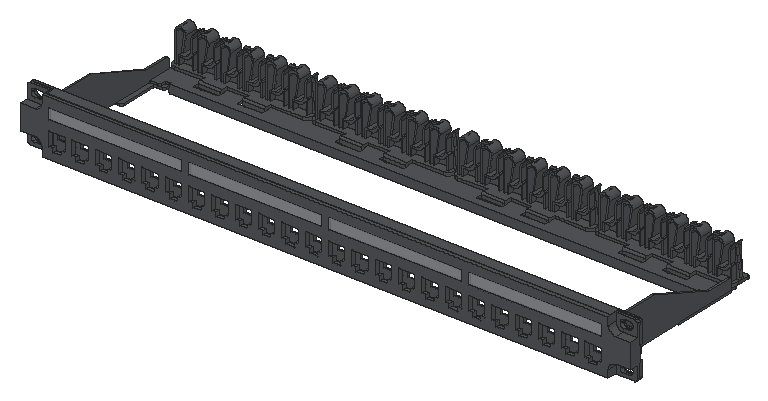
Revit family "Panneau de brassage", category Equipement spécialisé, Revit 2020
Family settings
  Cote de connecteur circulaire = Utiliser le diamètre
  Type d'élément = Normal
  Basée sur le plan de construction = Non
  Toujours verticalement = Oui
  Couper avec des vides une fois chargée = Non
  Partagée = Oui
  Point de calcul de pièce = Non
Parameters (values of type "Panneau de brassage")
  Type de connecteur = "RJ45"
  Température de stockage = "-10_à_70"
  Température de fonctionnement = "-10_à_60"
  Référence Legrand = "632850"
  RAL = "9017"
  Profondeur = 140 mm
  Nombre de connecteurs = 24
  Nombre d'unités en hauteur = "1"
  Nature du câble pour connexion = "Souple"
  Lien e-catalogue = "https://www.legrand.fr/reference/632850/pro"
  Libellé BIM = "Panneau 24 RJ45 Cat 5e 6 6A Keystone à équiper avec support de câble métal"
  Largeur (mm) = 482.6 mm
  IK = "IK04"
  Hauteur = 43.8 mm
  Fonction = "Panneaux de brassage connecteurs cuivre"
  Elévation par défaut = 0 mm
  EAN = "3414972185509"
  Dimension modulaire = "19 pouces"
  Couleur = IDS_NOIR
  Classe ETIM = "EC001128"
  Blindé = yes
Reference planes
  plane 1 "Centre (avant/arrière)": y = 106
  plane 2: z = 0
  plane 3: x = 0
  plane 4: x = 464.6
  plane 5: z = 43.8
  plane 6: y = 104.5
  plane 7: x = -18
  plane 8: x = 446.6
  plane 9: x = 1.5
  plane 10: x = 445.1
  plane 11: z = 25.65
  plane 12: z = 14.175
  plane 13: x = -4.9
  plane 14: x = 223.3
  plane 15: x = -14.8
  plane 16: x = -4.5
  plane 17: z = 41.2
  plane 18: z = 34.4
  plane 19: z = 2.6
  plane 20: z = 9.4
  plane 21: z = 42.3
  plane 22: z = 1.5
  plane 23: y = 97.8
  plane 24: x = -5.65
  plane 25: x = -7.15
  plane 26: y = 118.8
  plane 27: z = 17.175
  plane 28: z = 23.65
  plane 29: x = 461.4
  plane 30: x = 451.1
  plane 31: z = 41.2
  plane 32: z = 34.4
  plane 33: z = 2.6
  plane 34: z = 9.4
  plane 35: x = 452.25
  plane 36: x = 453.75
  plane 37: y = 118.8
  plane 38: x = 221.465
  plane 39: x = 206.665
  plane 40: z = 29.433
  plane 41: z = 8.833
  plane 42: x = 216.065
  plane 43: x = 212.065
  plane 44: z = 31.533
  plane 45: y = 94.8
  plane 46: y = 102
  plane 47: x = 220.575
  plane 48: x = 207.575
  plane 49: z = 20.133
  plane 50: x = 210.675
  plane 51: z = 5.633
  plane 52: x = 217.475
  plane 53: x = 202.125
  plane 54: x = 189.125
  plane 55: z = 20.133
  plane 56: x = 192.225
  plane 57: z = 5.633
  plane 58: x = 199.025
  plane 59: x = 183.675
  plane 60: x = 170.675
  plane 61: z = 20.133
  plane 62: x = 173.775
  plane 63: z = 5.633
  plane 64: x = 180.575
  plane 65: x = 165.225
  plane 66: x = 152.225
  plane 67: z = 20.133
  plane 68: x = 155.325
  plane 69: z = 5.633
  plane 70: x = 162.125
  plane 71: x = 146.775
  plane 72: x = 133.775
  plane 73: z = 20.133
  plane 74: x = 136.875
  plane 75: z = 5.633
  plane 76: x = 143.675
  plane 77: x = 128.325
  plane 78: x = 115.325
  plane 79: z = 20.133
  plane 80: x = 118.425
  plane 81: z = 5.633
  plane 82: x = 125.225
  plane 83: x = 109.875
  plane 84: x = 96.875
  plane 85: z = 20.133
  plane 86: x = 99.975
  plane 87: z = 5.633
  plane 88: x = 106.775
  plane 89: x = 91.425
  plane 90: x = 78.425
  plane 91: z = 20.133
  plane 92: x = 81.525
  plane 93: z = 5.633
  plane 94: x = 88.325
  plane 95: x = 72.975
  plane 96: x = 59.975
  plane 97: z = 20.133
  plane 98: x = 63.075
  plane 99: z = 5.633
  plane 100: x = 69.875
  plane 101: x = 54.525
  plane 102: x = 41.525
  plane 103: z = 20.133
  plane 104: x = 44.625
  plane 105: z = 5.633
  plane 106: x = 51.425
  plane 107: x = 36.075
  plane 108: x = 23.075
  plane 109: z = 20.133
  plane 110: x = 26.175
  plane 111: z = 5.633
  plane 112: x = 32.975
  plane 113: x = 17.625
  plane 114: x = 4.625
  plane 115: z = 20.133
  plane 116: x = 7.725
  plane 117: z = 5.633
  plane 118: x = 14.525
  plane 119: x = 226.025
  plane 120: x = 239.025
  plane 121: z = 20.133
  plane 122: x = 235.925
  plane 123: z = 5.633
  plane 124: x = 229.125
  plane 125: x = 244.475
  plane 126: x = 257.475
  plane 127: z = 20.133
  plane 128: x = 254.375
  plane 129: z = 5.633
  plane 130: x = 247.575
  plane 131: x = 262.925
  plane 132: x = 275.925
  plane 133: z = 20.133
  plane 134: x = 272.825
  plane 135: z = 5.633
  plane 136: x = 266.025
  plane 137: x = 281.375
  plane 138: x = 294.375
  plane 139: z = 20.133
  plane 140: x = 291.275
  plane 141: z = 5.633
  plane 142: x = 284.475
  plane 143: x = 299.825
  plane 144: x = 312.825
  plane 145: z = 20.133
  plane 146: x = 309.725
  plane 147: z = 5.633
  plane 148: x = 302.925
  plane 149: x = 318.275
  plane 150: x = 331.275
  plane 151: z = 20.133
  plane 152: x = 328.175
  plane 153: z = 5.633
  plane 154: x = 321.375
  plane 155: x = 336.725
  plane 156: x = 349.725
  plane 157: z = 20.133
  plane 158: x = 346.625
  plane 159: z = 5.633
  plane 160: x = 339.825
  plane 161: x = 355.175
  plane 162: x = 368.175
  plane 163: z = 20.133
  plane 164: x = 365.075
  plane 165: z = 5.633
  plane 166: x = 358.275
  plane 167: x = 373.625
  plane 168: x = 386.625
  plane 169: z = 20.133
  plane 170: x = 383.525
  plane 171: z = 5.633
  plane 172: x = 376.725
  plane 173: x = 392.075
  plane 174: x = 405.075
  plane 175: z = 20.133
  plane 176: x = 401.975
  plane 177: z = 5.633
  plane 178: x = 395.175
  plane 179: x = 410.525
  plane 180: x = 423.525
  plane 181: z = 20.133
  plane 182: x = 420.425
  plane 183: z = 5.633
  plane 184: x = 413.625
  plane 185: x = 428.975
  plane 186: x = 441.975
  plane 187: z = 20.133
  plane 188: x = 438.875
  plane 189: z = 5.633
  plane 190: x = 432.075
  plane 191: x = 220.575
  plane 192: x = 115.325
  plane 193: z = 27.7
  plane 194: z = 36.55
  plane 195: x = 109.875
  plane 196: x = 4.625
  plane 197: z = 27.7
  plane 198: z = 36.55
  plane 199: x = 226.025
  plane 200: x = 331.275
  plane 201: z = 27.7
  plane 202: z = 36.55
  plane 203: x = 336.725
  plane 204: x = 441.975
  plane 205: z = 27.7
  plane 206: z = 36.55
  plane 207: z = 38.7
  plane 208: y = 127.2
  plane 209: z = 8.1
  plane 210: y = 216.8
  plane 211: z = 1.7
  plane 212: z = 17.7
  plane 213: y = 195.8
  plane 214: y = 141.2
  plane 215: y = 165.26
  plane 216: y = 197.76
  plane 217: y = 224.3
  plane 218: x = 6
  plane 219: x = 13.925
  plane 220: z = 38.7
  plane 221: y = 127.2
  plane 222: z = 8.1
  plane 223: y = 216.8
  plane 224: z = 1.7
  plane 225: z = 17.7
  plane 226: y = 195.8
  plane 227: y = 141.2
  plane 228: y = 165.26
  plane 229: y = 197.76
  plane 230: y = 224.3
  plane 231: x = 440.6
  plane 232: x = 432.675
  plane 233: y = 197.8
  plane 234: y = 224.3
  plane 235: x = 1.75
  plane 236: x = 444.85
  plane 237: y = 203.3
  plane 238: x = 10.225
  plane 239: x = 436.375
  plane 240: x = 14.225
  plane 241: x = 432.375
  plane 242: z = 3.2
  plane 243: x = 194.432
  plane 244: y = 208.3
  plane 245: y = 214.3
  plane 246: x = 174.802
  plane 247: y = 208.3
  plane 248: y = 214.3
  plane 249: x = 62.802
  plane 250: y = 208.3
  plane 251: y = 214.3
  plane 252: x = 271.798
  plane 253: y = 208.3
  plane 254: y = 214.3
  plane 255: x = 383.798
  plane 256: x = 210.05
  plane 257: y = 230.3
  plane 258: y = 233.3
  plane 259: x = 208.05
  plane 260: x = 217.05
  plane 261: x = 191.95
  plane 262: y = 230.3
  plane 263: y = 233.3
  plane 264: x = 189.95
  plane 265: x = 198.95
  plane 266: x = 173.85
  plane 267: y = 230.3
  plane 268: y = 233.3
  plane 269: x = 171.85
  plane 270: x = 180.85
  plane 271: x = 155.75
  plane 272: y = 230.3
  plane 273: y = 233.3
  plane 274: x = 153.75
  plane 275: x = 162.75
  plane 276: x = 137.65
  plane 277: y = 230.3
  plane 278: y = 233.3
  plane 279: x = 135.65
  plane 280: x = 144.65
  plane 281: x = 119.55
  plane 282: y = 230.3
  plane 283: y = 233.3
  plane 284: x = 117.55
  plane 285: x = 126.55
  plane 286: x = 98.05
  plane 287: y = 230.3
  plane 288: y = 233.3
  plane 289: x = 96.05
  plane 290: x = 105.05
  plane 291: x = 79.95
  plane 292: y = 230.3
  plane 293: y = 233.3
  plane 294: x = 77.95
  plane 295: x = 86.95
  plane 296: x = 61.85
  plane 297: y = 230.3
  plane 298: y = 233.3
  plane 299: x = 59.85
  plane 300: x = 68.85
  plane 301: x = 43.75
  plane 302: y = 230.3
  plane 303: y = 233.3
  plane 304: x = 41.75
  plane 305: x = 50.75
  plane 306: x = 25.65
  plane 307: y = 230.3
  plane 308: y = 233.3
  plane 309: x = 23.65
  plane 310: x = 32.65
  plane 311: x = 7.55
  plane 312: y = 230.3
  plane 313: y = 233.3
  plane 314: x = 5.55
  plane 315: x = 14.55
  plane 316: x = 236.55
  plane 317: y = 230.3
  plane 318: y = 233.3
  plane 319: x = 238.55
  plane 320: x = 229.55
  plane 321: x = 254.65
  plane 322: y = 230.3
  plane 323: y = 233.3
  plane 324: x = 256.65
  plane 325: x = 247.65
  plane 326: x = 272.75
  plane 327: y = 230.3
  plane 328: y = 233.3
  plane 329: x = 274.75
  plane 330: x = 265.75
  plane 331: x = 290.85
  plane 332: y = 230.3
  plane 333: y = 233.3
  plane 334: x = 292.85
  plane 335: x = 283.85
  plane 336: x = 308.95
  plane 337: y = 230.3
  plane 338: y = 233.3
  plane 339: x = 310.95
  plane 340: x = 301.95
  plane 341: x = 327.05
  plane 342: y = 230.3
  plane 343: y = 233.3
  plane 344: x = 329.05
  plane 345: x = 320.05
  plane 346: x = 348.55
  plane 347: y = 230.3
  plane 348: y = 233.3
  plane 349: x = 350.55
  plane 350: x = 341.55
  plane 351: x = 366.65
  plane 352: y = 230.3
  plane 353: y = 233.3
  plane 354: x = 368.65
  plane 355: x = 359.65
  plane 356: x = 384.75
  plane 357: y = 230.3
  plane 358: y = 233.3
  plane 359: x = 386.75
  plane 360: x = 377.75
  plane 361: x = 402.85
  plane 362: y = 230.3
  plane 363: y = 233.3
  plane 364: x = 404.85
  plane 365: x = 395.85
  plane 366: x = 420.95
  plane 367: y = 230.3
  plane 368: y = 233.3
  plane 369: x = 422.95
  plane 370: x = 413.95
  plane 371: x = 439.05
  plane 372: y = 230.3
  plane 373: y = 233.3
  plane 374: x = 441.05
  plane 375: x = 432.05
  plane 376: y = 218.3
  plane 377: y = 234.8
  plane 378: x = 0.4
  plane 379: x = 111.4
  plane 380: x = 28.9
  plane 381: x = 55.3
  plane 382: x = 5.4
  plane 383: z = 4.1
  plane 384: y = 233.55
  plane 385: y = 234.8
  plane 386: x = 7.9
  plane 387: z = 7.6
  plane 388: y = 232.3
  plane 389: y = 234.3
  plane 390: z = 6.6
  plane 391: x = 28.15
  plane 392: z = 4.1
  plane 393: y = 233.55
  plane 394: y = 234.8
  plane 395: z = 7.6
  plane 396: y = 232.3
  plane 397: y = 234.3
  plane 398: z = 6.6
  plane 399: y = 231.765
  plane 400: x = 0.4
  plane 401: z = 34.6
  plane 402: x = 17.9
  plane 403: z = 36.6
  plane 404: x = 16.7
  plane 405: x = 5.7
  plane 406: z = 18.6
  plane 407: x = 15.5
  plane 408: z = 33.55
  plane 409: x = 6.9
  plane 410: z = 17.4
  plane 411: x = 16.7
  plane 412: z = 22.4
  plane 413: x = 18.4
  plane 414: z = 34.6
  plane 415: x = 35.9
  plane 416: z = 36.6
  plane 417: x = 34.7
  plane 418: x = 23.7
  plane 419: z = 18.6
  plane 420: x = 33.5
  plane 421: z = 33.55
  plane 422: x = 24.9
  plane 423: z = 17.4
  plane 424: x = 34.7
  plane 425: z = 22.4
  plane 426: x = 36.4
  plane 427: z = 34.6
  plane 428: x = 53.9
  plane 429: z = 36.6
  plane 430: x = 52.7
  plane 431: x = 41.7
  plane 432: z = 18.6
  plane 433: x = 51.5
  plane 434: z = 33.55
  plane 435: x = 42.9
  plane 436: z = 17.4
  plane 437: x = 52.7
  plane 438: z = 22.4
  plane 439: x = 54.4
  plane 440: z = 34.6
  plane 441: x = 71.9
  plane 442: z = 36.6
  plane 443: x = 70.7
  plane 444: x = 59.7
  plane 445: z = 18.6
  plane 446: x = 69.5
  plane 447: z = 33.55
  plane 448: x = 60.9
  plane 449: z = 17.4
  plane 450: x = 70.7
  plane 451: z = 22.4
  plane 452: x = 72.4
  plane 453: z = 34.6
  plane 454: x = 89.9
  plane 455: z = 36.6
  plane 456: x = 88.7
  plane 457: x = 77.7
  plane 458: z = 18.6
  plane 459: x = 87.5
  plane 460: z = 33.55
  plane 461: x = 78.9
  plane 462: z = 17.4
  plane 463: x = 88.7
  plane 464: z = 22.4
  plane 465: x = 90.4
  plane 466: z = 34.6
  plane 467: x = 107.9
  plane 468: z = 36.6
  plane 469: x = 106.7
  plane 470: x = 95.7
  plane 471: z = 18.6
  plane 472: x = 105.5
  plane 473: z = 33.55
  plane 474: x = 96.9
  plane 475: z = 17.4
  plane 476: x = 106.7
  plane 477: z = 22.4
  plane 478: y = 226.765
  plane 479: x = 17.9
  plane 480: x = 35.9
  plane 481: x = 53.9
  plane 482: x = 71.9
  plane 483: x = 89.9
  plane 484: x = 167.3
  plane 485: y = 218.3
  plane 486: y = 234.8
  plane 487: x = 111.9
  plane 488: x = 222.9
  plane 489: z = 4.1
  plane 490: y = 233.55
  plane 491: y = 234.8
  plane 492: x = 119.4
  plane 493: z = 7.6
  plane 494: y = 232.3
  plane 495: y = 234.3
  plane 496: z = 6.6
  plane 497: z = 4.1
  plane 498: y = 233.55
  plane 499: y = 234.8
  plane 500: z = 7.6
  plane 501: y = 232.3
  plane 502: y = 234.3
  plane 503: z = 6.6
  plane 504: x = 111.9
  plane 505: z = 34.6
  plane 506: x = 129.4
  plane 507: z = 36.6
  plane 508: x = 128.2
  plane 509: x = 117.2
  plane 510: z = 18.6
  plane 511: x = 127
  plane 512: z = 33.55
  plane 513: x = 118.4
  plane 514: z = 17.4
  plane 515: x = 128.2
  plane 516: z = 22.4
  plane 517: x = 129.9
  plane 518: z = 34.6
  plane 519: x = 147.4
  plane 520: z = 36.6
  plane 521: x = 146.2
  plane 522: x = 135.2
  plane 523: z = 18.6
  plane 524: x = 145
  plane 525: z = 33.55
  plane 526: x = 136.4
  plane 527: z = 17.4
  plane 528: x = 146.2
  plane 529: z = 22.4
  plane 530: x = 147.9
  plane 531: z = 34.6
  plane 532: x = 165.4
  plane 533: z = 36.6
  plane 534: x = 164.2
  plane 535: x = 153.2
  plane 536: z = 18.6
  plane 537: x = 163
  plane 538: z = 33.55
  plane 539: x = 154.4
  plane 540: z = 17.4
  plane 541: x = 164.2
  plane 542: z = 22.4
  plane 543: x = 165.9
  plane 544: z = 34.6
  plane 545: x = 183.4
  plane 546: z = 36.6
  plane 547: x = 182.2
  plane 548: x = 171.2
  plane 549: z = 18.6
  plane 550: x = 181
  plane 551: z = 33.55
  plane 552: x = 172.4
  plane 553: z = 17.4
  plane 554: x = 182.2
  plane 555: z = 22.4
  plane 556: x = 183.9
  plane 557: z = 34.6
  plane 558: x = 201.4
  plane 559: z = 36.6
  plane 560: x = 200.2
  plane 561: x = 189.2
  plane 562: z = 18.6
  plane 563: x = 199
  plane 564: z = 33.55
  plane 565: x = 190.4
  plane 566: z = 17.4
  plane 567: x = 200.2
  plane 568: z = 22.4
  plane 569: x = 201.9
  plane 570: z = 34.6
  plane 571: x = 219.4
  plane 572: z = 36.6
  plane 573: x = 218.2
  plane 574: x = 207.2
  plane 575: z = 18.6
  plane 576: x = 217
  plane 577: z = 33.55
  plane 578: x = 208.4
  plane 579: z = 17.4
  plane 580: x = 218.2
  plane 581: z = 22.4
  plane 582: x = 129.4
  plane 583: x = 147.4
  plane 584: x = 165.4
  plane 585: x = 183.4
  plane 586: x = 201.4
  plane 587: x = 447
  plane 588: y = 218.3
  plane 589: y = 234.8
  plane 590: x = 336
  plane 591: x = 447
  plane 592: z = 4.1
  plane 593: y = 233.55
  plane 594: y = 234.8
  plane 595: x = 343.5
  plane 596: z = 7.6
  plane 597: y = 232.3
  plane 598: y = 234.3
  plane 599: z = 6.6
  plane 600: z = 4.1
  plane 601: y = 233.55
  plane 602: y = 234.8
  plane 603: z = 7.6
  plane 604: y = 232.3
  plane 605: y = 234.3
  plane 606: z = 6.6
  plane 607: x = 336
  plane 608: z = 34.6
  plane 609: x = 353.5
  plane 610: z = 36.6
  plane 611: x = 352.3
  plane 612: x = 341.3
  plane 613: z = 18.6
  plane 614: x = 351.1
  plane 615: z = 33.55
  plane 616: x = 342.5
  plane 617: z = 17.4
  plane 618: x = 352.3
  plane 619: z = 22.4
  plane 620: x = 354
  plane 621: z = 34.6
  plane 622: x = 371.5
  plane 623: z = 36.6
  plane 624: x = 370.3
  plane 625: x = 359.3
  plane 626: z = 18.6
  plane 627: x = 369.1
  plane 628: z = 33.55
  plane 629: x = 360.5
  plane 630: z = 17.4
  plane 631: x = 370.3
  plane 632: z = 22.4
  plane 633: x = 372
  plane 634: z = 34.6
  plane 635: x = 389.5
  plane 636: z = 36.6
  plane 637: x = 388.3
  plane 638: x = 377.3
  plane 639: z = 18.6
  plane 640: x = 387.1
  plane 641: z = 33.55
  plane 642: x = 378.5
  plane 643: z = 17.4
  plane 644: x = 388.3
  plane 645: z = 22.4
  plane 646: x = 390
  plane 647: z = 34.6
  plane 648: x = 407.5
  plane 649: z = 36.6
  plane 650: x = 406.3
  plane 651: x = 395.3
  plane 652: z = 18.6
  plane 653: x = 405.1
  plane 654: z = 33.55
  plane 655: x = 396.5
  plane 656: z = 17.4
  plane 657: x = 406.3
  plane 658: z = 22.4
  plane 659: x = 408
  plane 660: z = 34.6
  plane 661: x = 425.5
  plane 662: z = 36.6
  plane 663: x = 424.3
  plane 664: x = 413.3
  plane 665: z = 18.6
  plane 666: x = 423.1
  plane 667: z = 33.55
  plane 668: x = 414.5
  plane 669: z = 17.4
  plane 670: x = 424.3
  plane 671: z = 22.4
  plane 672: x = 426
  plane 673: z = 34.6
  plane 674: x = 443.5
  plane 675: z = 36.6
  plane 676: x = 442.3
  plane 677: x = 431.3
  plane 678: z = 18.6
  plane 679: x = 441.1
  plane 680: z = 33.55
  plane 681: x = 432.5
  plane 682: z = 17.4
  plane 683: x = 442.3
  plane 684: z = 22.4
  plane 685: x = 353.5
  plane 686: x = 371.5
  plane 687: x = 389.5
  plane 688: x = 407.5
  plane 689: x = 425.5
  plane 690: y = 218.3
  plane 691: y = 234.8
  plane 692: x = 224.5
  plane 693: x = 335.5
  plane 694: z = 4.1
  plane 695: y = 233.55
  plane 696: y = 234.8
  plane 697: x = 232
  plane 698: z = 7.6
  plane 699: y = 232.3
  plane 700: y = 234.3
  plane 701: z = 6.6
  plane 702: z = 4.1
  plane 703: y = 233.55
  plane 704: y = 234.8
  plane 705: z = 7.6
  plane 706: y = 232.3
  plane 707: y = 234.3
  plane 708: z = 6.6
  plane 709: x = 224.5
  plane 710: z = 34.6
  plane 711: x = 242
  plane 712: z = 36.6
  plane 713: x = 240.8
  plane 714: x = 229.8
  plane 715: z = 18.6
  plane 716: x = 239.6
  plane 717: z = 33.55
  plane 718: x = 231
  plane 719: z = 17.4
  plane 720: x = 240.8
  plane 721: z = 22.4
  plane 722: x = 242.5
  plane 723: z = 34.6
  plane 724: x = 260
  plane 725: z = 36.6
  plane 726: x = 258.8
  plane 727: x = 247.8
  plane 728: z = 18.6
  plane 729: x = 257.6
  plane 730: z = 33.55
  plane 731: x = 249
  plane 732: z = 17.4
  plane 733: x = 258.8
  plane 734: z = 22.4
  plane 735: x = 260.5
  plane 736: z = 34.6
  plane 737: x = 278
  plane 738: z = 36.6
  plane 739: x = 276.8
  plane 740: x = 265.8
  plane 741: z = 18.6
  plane 742: x = 275.6
  plane 743: z = 33.55
  plane 744: x = 267
  plane 745: z = 17.4
  plane 746: x = 276.8
  plane 747: z = 22.4
  plane 748: x = 278.5
  plane 749: z = 34.6
  plane 750: x = 296
  plane 751: z = 36.6
  plane 752: x = 294.8
  plane 753: x = 283.8
  plane 754: z = 18.6
  plane 755: x = 293.6
  plane 756: z = 33.55
  plane 757: x = 285
  plane 758: z = 17.4
  plane 759: x = 294.8
  plane 760: z = 22.4
  plane 761: x = 296.5
  plane 762: z = 34.6
  plane 763: x = 314
  plane 764: z = 36.6
  plane 765: x = 312.8
  plane 766: x = 301.8
  plane 767: z = 18.6
  plane 768: x = 311.6
  plane 769: z = 33.55
  plane 770: x = 303
  plane 771: z = 17.4
  plane 772: x = 312.8
  plane 773: z = 22.4
  plane 774: x = 314.5
  plane 775: z = 34.6
  plane 776: x = 332
  plane 777: z = 36.6
  plane 778: x = 330.8
  plane 779: x = 319.8
  plane 780: z = 18.6
  plane 781: x = 329.6
  plane 782: z = 33.55
  plane 783: x = 321
  plane 784: z = 17.4
  plane 785: x = 330.8
  plane 786: z = 22.4
  plane 787: x = 242
  plane 788: x = 260
  plane 789: x = 278
  plane 790: x = 296
  plane 791: x = 314
Forms (mm)
  Extrusion 1, solid, material "IDS_NOIR" <- "Couleur"
    sketch origin (0, 106, 0) x (1, 0, 0) y (0, 0, 1)
      loop
        arc (-15.5, 43.8) -> (-17.268, 43.068) -> (-18, 41.3) r 2.5
        line (-18, 41.3) -> (-18, 2.5)
        arc (-18, 2.5) -> (-17.268, 0.732) -> (-15.5, 0) r 2.5
        line (-15.5, 0) -> (462.1, 0)
        arc (462.1, 0) -> (463.868, 0.732) -> (464.6, 2.5) r 2.5
        line (464.6, 2.5) -> (464.6, 41.3)
        arc (464.6, 41.3) -> (463.868, 43.068) -> (462.1, 43.8) r 2.5
        line (462.1, 43.8) -> (-15.5, 43.8)
    from 0 to 1.5
  Extrusion 2, void
    sketch origin (0, 106, 0) x (1, 0, 0) y (0, 0, 1)
      loop
        line (-4.9, 14.175) -> (-4.9, 25.65) -> (-18, 25.65) -> (-18, 14.175) -> (-4.9, 14.175)
      loop
        line (-11.8, 34.4) -> (-7.5, 34.4)
        arc (-7.5, 34.4) -> (-5.379, 35.279) -> (-4.5, 37.4) r 3
        line (-4.5, 37.4) -> (-4.5, 38.2)
        arc (-4.5, 38.2) -> (-5.379, 40.321) -> (-7.5, 41.2) r 3
        line (-7.5, 41.2) -> (-11.8, 41.2)
        arc (-11.8, 41.2) -> (-13.921, 40.321) -> (-14.8, 38.2) r 3
        line (-14.8, 38.2) -> (-14.8, 37.4)
        arc (-14.8, 37.4) -> (-13.921, 35.279) -> (-11.8, 34.4) r 3
      loop
        arc (-11.8, 9.4) -> (-13.921, 8.521) -> (-14.8, 6.4) r 3
        line (-14.8, 6.4) -> (-14.8, 5.6)
        arc (-14.8, 5.6) -> (-13.921, 3.479) -> (-11.8, 2.6) r 3
        line (-11.8, 2.6) -> (-7.5, 2.6)
        arc (-7.5, 2.6) -> (-5.379, 3.479) -> (-4.5, 5.6) r 3
        line (-4.5, 5.6) -> (-4.5, 6.4)
        arc (-4.5, 6.4) -> (-5.379, 8.521) -> (-7.5, 9.4) r 3
        line (-7.5, 9.4) -> (-11.8, 9.4)
    from 0 to 1.5
  Extrusion 3, solid, material "IDS_NOIR" <- "Couleur"
    sketch origin (0, 0, 0) x (0, 1, 0) y (0, 0, 1)
      loop
        line (97.8, 42.3) -> (106, 42.3) -> (106, 43.8) -> (97.8, 43.8) -> (97.8, 42.3)
      loop
        line (106, 0) -> (106, 1.5) -> (97.8, 1.5) -> (97.8, 0) -> (106, 0)
    from 0 to 446.6
  Extrusion 4, solid, material "IDS_NOIR" <- "Couleur"
    sketch origin (-19.476, -1524, 17.175) x (-1, 0, 0) y (0, -1, 0)
      loop
        line (-12.326, -1642.8) -> (-12.326, -1629.7)
        arc (-12.326, -1629.7) -> (-12.677, -1628.851) -> (-13.526, -1628.5) r 1.2
        line (-13.526, -1628.5) -> (-14.576, -1628.5) -> (-14.576, -1629.727) -> (-13.826, -1630) -> (-13.826, -1642.8) -> (-12.326, -1642.8)
    from 0 to 6.475
  Extrusion 5, void
    sketch origin (446.6, 106, 0) x (-1, 0, 0) y (0, 0, -1)
      loop
        line (-4.9, -14.175) -> (-18, -14.175) -> (-18, -25.65) -> (-4.9, -25.65) -> (-4.9, -14.175)
      loop
        arc (-11.8, -34.4) -> (-13.921, -35.279) -> (-14.8, -37.4) r 3
        line (-14.8, -37.4) -> (-14.8, -38.2)
        arc (-14.8, -38.2) -> (-13.921, -40.321) -> (-11.8, -41.2) r 3
        line (-11.8, -41.2) -> (-7.5, -41.2)
        arc (-7.5, -41.2) -> (-5.379, -40.321) -> (-4.5, -38.2) r 3
        line (-4.5, -38.2) -> (-4.5, -37.4)
        arc (-4.5, -37.4) -> (-5.379, -35.279) -> (-7.5, -34.4) r 3
        line (-7.5, -34.4) -> (-11.8, -34.4)
      loop
        line (-11.8, -9.4) -> (-7.5, -9.4)
        arc (-7.5, -9.4) -> (-5.379, -8.521) -> (-4.5, -6.4) r 3
        line (-4.5, -6.4) -> (-4.5, -3.975)
        arc (-4.5, -3.975) -> (-5.586, -2.966) -> (-7.022, -2.6) r 3
        line (-7.022, -2.6) -> (-11.8, -2.6)
        arc (-11.8, -2.6) -> (-13.921, -3.479) -> (-14.8, -5.6) r 3
        line (-14.8, -5.6) -> (-14.8, -6.4)
        arc (-14.8, -6.4) -> (-13.921, -8.521) -> (-11.8, -9.4) r 3
    from 0 to 1.5
  Extrusion 6, solid, material "IDS_NOIR" <- "Couleur"
    sketch origin (466.076, -1524, 17.175) x (1, 0, 0) y (0, 1, 0)
      loop
        line (-12.326, 1642.8) -> (-13.826, 1642.8) -> (-13.826, 1630) -> (-14.576, 1629.727) -> (-14.576, 1628.5) -> (-13.526, 1628.5)
        arc (-13.526, 1628.5) -> (-12.677, 1628.851) -> (-12.326, 1629.7) r 1.2
        line (-12.326, 1629.7) -> (-12.326, 1642.8)
    from 0 to 6.475
  Extrusion 7, void
    sketch origin (-202.95, 106, 0) x (1, 0, 0) y (0, 0, 1)
      loop
        line (424.415, 8.833) -> (424.415, 29.433) -> (419.015, 29.433) -> (419.015, 31.533) -> (415.015, 31.533) -> (415.015, 29.433) -> (409.615, 29.433) -> (409.615, 8.833) -> (424.415, 8.833)
    from 0 to 1.5
  Extrusion 8, void
    sketch origin (-202.95, 106, 0) x (1, 0, 0) y (0, 0, 1)
      loop
        line (405.965, 8.833) -> (405.965, 29.433) -> (400.565, 29.433) -> (400.565, 31.533) -> (396.565, 31.533) -> (396.565, 29.433) -> (391.165, 29.433) -> (391.165, 8.833) -> (405.965, 8.833)
    from 0 to 1.5
  Extrusion 9, void
    sketch origin (-202.95, 106, 0) x (1, 0, 0) y (0, 0, 1)
      loop
        line (387.515, 8.833) -> (387.515, 29.433) -> (382.115, 29.433) -> (382.115, 31.533) -> (378.115, 31.533) -> (378.115, 29.433) -> (372.715, 29.433) -> (372.715, 8.833) -> (387.515, 8.833)
    from 0 to 1.5
  Extrusion 10, void
    sketch origin (-202.95, 106, 0) x (1, 0, 0) y (0, 0, 1)
      loop
        line (369.065, 8.833) -> (369.065, 29.433) -> (363.665, 29.433) -> (363.665, 31.533) -> (359.665, 31.533) -> (359.665, 29.433) -> (354.265, 29.433) -> (354.265, 8.833) -> (369.065, 8.833)
    from 0 to 1.5
  Extrusion 11, void
    sketch origin (-202.95, 106, 0) x (1, 0, 0) y (0, 0, 1)
      loop
        line (350.615, 8.833) -> (350.615, 29.433) -> (345.215, 29.433) -> (345.215, 31.533) -> (341.215, 31.533) -> (341.215, 29.433) -> (335.815, 29.433) -> (335.815, 8.833) -> (350.615, 8.833)
    from 0 to 1.5
  Extrusion 12, void
    sketch origin (-202.95, 106, 0) x (1, 0, 0) y (0, 0, 1)
      loop
        line (332.165, 8.833) -> (332.165, 29.433) -> (326.765, 29.433) -> (326.765, 31.533) -> (322.765, 31.533) -> (322.765, 29.433) -> (317.365, 29.433) -> (317.365, 8.833) -> (332.165, 8.833)
    from 0 to 1.5
  Extrusion 13, void
    sketch origin (-202.95, 106, 0) x (1, 0, 0) y (0, 0, 1)
      loop
        line (313.715, 8.833) -> (313.715, 29.433) -> (308.315, 29.433) -> (308.315, 31.533) -> (304.315, 31.533) -> (304.315, 29.433) -> (298.915, 29.433) -> (298.915, 8.833) -> (313.715, 8.833)
    from 0 to 1.5
  Extrusion 14, void
    sketch origin (-202.95, 106, 0) x (1, 0, 0) y (0, 0, 1)
      loop
        line (295.265, 8.833) -> (295.265, 29.433) -> (289.865, 29.433) -> (289.865, 31.533) -> (285.865, 31.533) -> (285.865, 29.433) -> (280.465, 29.433) -> (280.465, 8.833) -> (295.265, 8.833)
    from 0 to 1.5
  Extrusion 15, void
    sketch origin (-202.95, 106, 0) x (1, 0, 0) y (0, 0, 1)
      loop
        line (276.815, 8.833) -> (276.815, 29.433) -> (271.415, 29.433) -> (271.415, 31.533) -> (267.415, 31.533) -> (267.415, 29.433) -> (262.015, 29.433) -> (262.015, 8.833) -> (276.815, 8.833)
    from 0 to 1.5
  Extrusion 16, void
    sketch origin (-202.95, 106, 0) x (1, 0, 0) y (0, 0, 1)
      loop
        line (258.365, 8.833) -> (258.365, 29.433) -> (252.965, 29.433) -> (252.965, 31.533) -> (248.965, 31.533) -> (248.965, 29.433) -> (243.565, 29.433) -> (243.565, 8.833) -> (258.365, 8.833)
    from 0 to 1.5
  Extrusion 17, void
    sketch origin (-202.95, 106, 0) x (1, 0, 0) y (0, 0, 1)
      loop
        line (239.915, 8.833) -> (239.915, 29.433) -> (234.515, 29.433) -> (234.515, 31.533) -> (230.515, 31.533) -> (230.515, 29.433) -> (225.115, 29.433) -> (225.115, 8.833) -> (239.915, 8.833)
    from 0 to 1.5
  Extrusion 18, void
    sketch origin (-202.95, 106, 0) x (1, 0, 0) y (0, 0, 1)
      loop
        line (221.465, 8.833) -> (221.465, 29.433) -> (216.065, 29.433) -> (216.065, 31.533) -> (212.065, 31.533) -> (212.065, 29.433) -> (206.665, 29.433) -> (206.665, 8.833) -> (221.465, 8.833)
    from 0 to 1.5
  Extrusion 19, void
    sketch origin (-405.9, 106, 0) x (1, 0, 0) y (0, 0, 1)
      loop
        line (631.035, 8.833) -> (645.835, 8.833) -> (645.835, 29.433) -> (640.435, 29.433) -> (640.435, 31.533) -> (636.435, 31.533) -> (636.435, 29.433) -> (631.035, 29.433) -> (631.035, 8.833)
    from 0 to 1.5
  Extrusion 20, void
    sketch origin (-387.45, 106, 0) x (1, 0, 0) y (0, 0, 1)
      loop
        line (631.035, 8.833) -> (645.835, 8.833) -> (645.835, 29.433) -> (640.435, 29.433) -> (640.435, 31.533) -> (636.435, 31.533) -> (636.435, 29.433) -> (631.035, 29.433) -> (631.035, 8.833)
    from 0 to 1.5
  Extrusion 21, void
    sketch origin (-369, 106, 0) x (1, 0, 0) y (0, 0, 1)
      loop
        line (631.035, 8.833) -> (645.835, 8.833) -> (645.835, 29.433) -> (640.435, 29.433) -> (640.435, 31.533) -> (636.435, 31.533) -> (636.435, 29.433) -> (631.035, 29.433) -> (631.035, 8.833)
    from 0 to 1.5
  Extrusion 22, void
    sketch origin (-350.55, 106, 0) x (1, 0, 0) y (0, 0, 1)
      loop
        line (631.035, 8.833) -> (645.835, 8.833) -> (645.835, 29.433) -> (640.435, 29.433) -> (640.435, 31.533) -> (636.435, 31.533) -> (636.435, 29.433) -> (631.035, 29.433) -> (631.035, 8.833)
    from 0 to 1.5
  Extrusion 23, void
    sketch origin (-332.1, 106, 0) x (1, 0, 0) y (0, 0, 1)
      loop
        line (631.035, 8.833) -> (645.835, 8.833) -> (645.835, 29.433) -> (640.435, 29.433) -> (640.435, 31.533) -> (636.435, 31.533) -> (636.435, 29.433) -> (631.035, 29.433) -> (631.035, 8.833)
    from 0 to 1.5
  Extrusion 24, void
    sketch origin (-313.65, 106, 0) x (1, 0, 0) y (0, 0, 1)
      loop
        line (631.035, 8.833) -> (645.835, 8.833) -> (645.835, 29.433) -> (640.435, 29.433) -> (640.435, 31.533) -> (636.435, 31.533) -> (636.435, 29.433) -> (631.035, 29.433) -> (631.035, 8.833)
    from 0 to 1.5
  Extrusion 25, void
    sketch origin (-295.2, 106, 0) x (1, 0, 0) y (0, 0, 1)
      loop
        line (631.035, 8.833) -> (645.835, 8.833) -> (645.835, 29.433) -> (640.435, 29.433) -> (640.435, 31.533) -> (636.435, 31.533) -> (636.435, 29.433) -> (631.035, 29.433) -> (631.035, 8.833)
    from 0 to 1.5
  Extrusion 26, void
    sketch origin (-276.75, 106, 0) x (1, 0, 0) y (0, 0, 1)
      loop
        line (631.035, 8.833) -> (645.835, 8.833) -> (645.835, 29.433) -> (640.435, 29.433) -> (640.435, 31.533) -> (636.435, 31.533) -> (636.435, 29.433) -> (631.035, 29.433) -> (631.035, 8.833)
    from 0 to 1.5
  Extrusion 27, void
    sketch origin (-258.3, 106, 0) x (1, 0, 0) y (0, 0, 1)
      loop
        line (631.035, 8.833) -> (645.835, 8.833) -> (645.835, 29.433) -> (640.435, 29.433) -> (640.435, 31.533) -> (636.435, 31.533) -> (636.435, 29.433) -> (631.035, 29.433) -> (631.035, 8.833)
    from 0 to 1.5
  Extrusion 28, void
    sketch origin (-239.85, 106, 0) x (1, 0, 0) y (0, 0, 1)
      loop
        line (631.035, 8.833) -> (645.835, 8.833) -> (645.835, 29.433) -> (640.435, 29.433) -> (640.435, 31.533) -> (636.435, 31.533) -> (636.435, 29.433) -> (631.035, 29.433) -> (631.035, 8.833)
    from 0 to 1.5
  Extrusion 29, void
    sketch origin (-221.4, 106, 0) x (1, 0, 0) y (0, 0, 1)
      loop
        line (631.035, 8.833) -> (645.835, 8.833) -> (645.835, 29.433) -> (640.435, 29.433) -> (640.435, 31.533) -> (636.435, 31.533) -> (636.435, 29.433) -> (631.035, 29.433) -> (631.035, 8.833)
    from 0 to 1.5
  Extrusion 30, void
    sketch origin (-202.95, 106, 0) x (1, 0, 0) y (0, 0, 1)
      loop
        line (631.035, 8.833) -> (645.835, 8.833) -> (645.835, 29.433) -> (640.435, 29.433) -> (640.435, 31.533) -> (636.435, 31.533) -> (636.435, 29.433) -> (631.035, 29.433) -> (631.035, 8.833)
    from 0 to 1.5
  Extrusion 31, solid, material "IDS_NOIR" <- "Couleur"
    sketch origin (-186.207, 0, 0) x (1, 0, 0) y (0, 1, 0)
      loop
        line (168.207, 94.8) -> (650.807, 94.8) -> (650.807, 104.5) -> (632.807, 104.5) -> (632.807, 97.8) -> (186.207, 97.8) -> (186.207, 104.5) -> (168.207, 104.5) -> (168.207, 94.8)
    from 0 to 43.8
  Extrusion 32, void
    sketch origin (-23.337, 94.8, 1200) x (1, 0, 0) y (0, 0, 1)
      loop
        line (5.337, -1156.2) -> (5.337, -1168.465) -> (16.837, -1168.465)
        arc (16.837, -1168.465) -> (21.079, -1166.708) -> (22.837, -1162.465) r 6
        line (22.837, -1162.465) -> (22.837, -1156.2) -> (5.337, -1156.2)
      loop
        line (5.337, -1200) -> (22.837, -1200) -> (22.837, -1193.735)
        arc (22.837, -1193.735) -> (21.079, -1189.492) -> (16.837, -1187.735) r 6
        line (16.837, -1187.735) -> (5.337, -1187.735) -> (5.337, -1200)
    from 0 to -7.2
  Extrusion 33, void
    sketch origin (469.937, 94.8, 1200) x (-1, 0, 0) y (0, 0, -1)
      loop
        line (5.337, 1156.2) -> (22.837, 1156.2) -> (22.837, 1162.465)
        arc (22.837, 1162.465) -> (21.079, 1166.708) -> (16.837, 1168.465) r 6
        line (16.837, 1168.465) -> (5.337, 1168.465) -> (5.337, 1156.2)
      loop
        line (5.337, 1200) -> (5.337, 1187.735) -> (16.837, 1187.735)
        arc (16.837, 1187.735) -> (21.079, 1189.492) -> (22.837, 1193.735) r 6
        line (22.837, 1193.735) -> (22.837, 1200) -> (5.337, 1200)
    from 0 to -7.2
  Extrusion 34, void
    sketch origin (-23.337, 102, 1200) x (-1, 0, 0) y (0, 0, 1)
      loop
        line (-11.537, -1158.8) -> (-15.837, -1158.8)
        arc (-15.837, -1158.8) -> (-17.958, -1159.679) -> (-18.837, -1161.8) r 3
        line (-18.837, -1161.8) -> (-18.837, -1162.6)
        arc (-18.837, -1162.6) -> (-17.958, -1164.721) -> (-15.837, -1165.6) r 3
        line (-15.837, -1165.6) -> (-11.537, -1165.6)
        arc (-11.537, -1165.6) -> (-9.415, -1164.721) -> (-8.537, -1162.6) r 3
        line (-8.537, -1162.6) -> (-8.537, -1161.8)
        arc (-8.537, -1161.8) -> (-9.415, -1159.679) -> (-11.537, -1158.8) r 3
      loop
        arc (-7.837, -1156.2) -> (-6.069, -1156.932) -> (-5.337, -1158.7) r 2.5
        line (-5.337, -1158.7) -> (-5.337, -1156.2) -> (-7.837, -1156.2)
      loop
        line (-8.537, -1194.4) -> (-8.537, -1193.6)
        arc (-8.537, -1193.6) -> (-9.415, -1191.479) -> (-11.537, -1190.6) r 3
        line (-11.537, -1190.6) -> (-15.837, -1190.6)
        arc (-15.837, -1190.6) -> (-17.958, -1191.479) -> (-18.837, -1193.6) r 3
        line (-18.837, -1193.6) -> (-18.837, -1194.4)
        arc (-18.837, -1194.4) -> (-17.958, -1196.521) -> (-15.837, -1197.4) r 3
        line (-15.837, -1197.4) -> (-11.537, -1197.4)
        arc (-11.537, -1197.4) -> (-9.415, -1196.521) -> (-8.537, -1194.4) r 3
      loop
        line (-5.337, -1200) -> (-5.337, -1197.5)
        arc (-5.337, -1197.5) -> (-6.069, -1199.268) -> (-7.837, -1200) r 2.5
        line (-7.837, -1200) -> (-5.337, -1200)
      loop
        arc (-481.737, -1158.8) -> (-483.858, -1159.679) -> (-484.737, -1161.8) r 3
        line (-484.737, -1161.8) -> (-484.737, -1162.6)
        arc (-484.737, -1162.6) -> (-483.858, -1164.721) -> (-481.737, -1165.6) r 3
        line (-481.737, -1165.6) -> (-477.437, -1165.6)
        arc (-477.437, -1165.6) -> (-475.315, -1164.721) -> (-474.437, -1162.6) r 3
        line (-474.437, -1162.6) -> (-474.437, -1161.8)
        arc (-474.437, -1161.8) -> (-475.315, -1159.679) -> (-477.437, -1158.8) r 3
        line (-477.437, -1158.8) -> (-481.737, -1158.8)
      loop
        line (-485.437, -1156.2) -> (-487.937, -1156.2) -> (-487.937, -1158.7)
        arc (-487.937, -1158.7) -> (-487.205, -1156.932) -> (-485.437, -1156.2) r 2.5
      loop
        arc (-484.737, -1194.4) -> (-483.858, -1196.521) -> (-481.737, -1197.4) r 3
        line (-481.737, -1197.4) -> (-477.437, -1197.4)
        arc (-477.437, -1197.4) -> (-475.315, -1196.521) -> (-474.437, -1194.4) r 3
        line (-474.437, -1194.4) -> (-474.437, -1193.6)
        arc (-474.437, -1193.6) -> (-475.315, -1191.479) -> (-477.437, -1190.6) r 3
        line (-477.437, -1190.6) -> (-481.737, -1190.6)
        arc (-481.737, -1190.6) -> (-483.858, -1191.479) -> (-484.737, -1193.6) r 3
        line (-484.737, -1193.6) -> (-484.737, -1194.4)
      loop
        line (-487.937, -1200) -> (-485.437, -1200)
        arc (-485.437, -1200) -> (-487.205, -1199.268) -> (-487.937, -1197.5) r 2.5
        line (-487.937, -1197.5) -> (-487.937, -1200)
    from 0 to 2.5
  Extrusion 35, void
    sketch origin (-226.287, 94.8, 1200) x (1, 0, 0) y (0, 0, 1)
      loop
        line (433.862, -1179.867) -> (433.862, -1191.167) -> (436.962, -1191.167) -> (436.962, -1194.367) -> (443.762, -1194.367) -> (443.762, -1191.167) -> (446.862, -1191.167) -> (446.862, -1179.867) -> (433.862, -1179.867)
    from 0 to -3
  Extrusion 36, void
    sketch origin (-226.287, 94.8, 1200) x (1, 0, 0) y (0, 0, 1)
      loop
        line (415.412, -1179.867) -> (415.412, -1191.167) -> (418.512, -1191.167) -> (418.512, -1194.367) -> (425.312, -1194.367) -> (425.312, -1191.167) -> (428.412, -1191.167) -> (428.412, -1179.867) -> (415.412, -1179.867)
    from 0 to -3
  Extrusion 37, void
    sketch origin (-226.287, 94.8, 1200) x (1, 0, 0) y (0, 0, 1)
      loop
        line (396.962, -1179.867) -> (396.962, -1191.167) -> (400.062, -1191.167) -> (400.062, -1194.367) -> (406.862, -1194.367) -> (406.862, -1191.167) -> (409.962, -1191.167) -> (409.962, -1179.867) -> (396.962, -1179.867)
    from 0 to -3
  Extrusion 38, void
    sketch origin (-226.287, 94.8, 1200) x (1, 0, 0) y (0, 0, 1)
      loop
        line (378.512, -1179.867) -> (378.512, -1191.167) -> (381.612, -1191.167) -> (381.612, -1194.367) -> (388.412, -1194.367) -> (388.412, -1191.167) -> (391.512, -1191.167) -> (391.512, -1179.867) -> (378.512, -1179.867)
    from 0 to -3
  Extrusion 39, void
    sketch origin (-226.287, 94.8, 1200) x (1, 0, 0) y (0, 0, 1)
      loop
        line (360.062, -1179.867) -> (360.062, -1191.167) -> (363.162, -1191.167) -> (363.162, -1194.367) -> (369.962, -1194.367) -> (369.962, -1191.167) -> (373.062, -1191.167) -> (373.062, -1179.867) -> (360.062, -1179.867)
    from 0 to -3
  Extrusion 40, void
    sketch origin (-226.287, 94.8, 1200) x (1, 0, 0) y (0, 0, 1)
      loop
        line (341.612, -1179.867) -> (341.612, -1191.167) -> (344.712, -1191.167) -> (344.712, -1194.367) -> (351.512, -1194.367) -> (351.512, -1191.167) -> (354.612, -1191.167) -> (354.612, -1179.867) -> (341.612, -1179.867)
    from 0 to -3
  Extrusion 41, void
    sketch origin (-226.287, 94.8, 1200) x (1, 0, 0) y (0, 0, 1)
      loop
        line (323.162, -1179.867) -> (323.162, -1191.167) -> (326.262, -1191.167) -> (326.262, -1194.367) -> (333.062, -1194.367) -> (333.062, -1191.167) -> (336.162, -1191.167) -> (336.162, -1179.867) -> (323.162, -1179.867)
    from 0 to -3
  Extrusion 42, void
    sketch origin (-226.287, 94.8, 1200) x (1, 0, 0) y (0, 0, 1)
      loop
        line (304.712, -1179.867) -> (304.712, -1191.167) -> (307.812, -1191.167) -> (307.812, -1194.367) -> (314.612, -1194.367) -> (314.612, -1191.167) -> (317.712, -1191.167) -> (317.712, -1179.867) -> (304.712, -1179.867)
    from 0 to -3
  Extrusion 43, void
    sketch origin (-226.287, 94.8, 1200) x (1, 0, 0) y (0, 0, 1)
      loop
        line (286.262, -1179.867) -> (286.262, -1191.167) -> (289.362, -1191.167) -> (289.362, -1194.367) -> (296.162, -1194.367) -> (296.162, -1191.167) -> (299.262, -1191.167) -> (299.262, -1179.867) -> (286.262, -1179.867)
    from 0 to -3
  Extrusion 44, void
    sketch origin (-226.287, 94.8, 1200) x (1, 0, 0) y (0, 0, 1)
      loop
        line (267.812, -1179.867) -> (267.812, -1191.167) -> (270.912, -1191.167) -> (270.912, -1194.367) -> (277.712, -1194.367) -> (277.712, -1191.167) -> (280.812, -1191.167) -> (280.812, -1179.867) -> (267.812, -1179.867)
    from 0 to -3
  Extrusion 45, void
    sketch origin (-226.287, 94.8, 1200) x (1, 0, 0) y (0, 0, 1)
      loop
        line (249.362, -1179.867) -> (249.362, -1191.167) -> (252.462, -1191.167) -> (252.462, -1194.367) -> (259.262, -1194.367) -> (259.262, -1191.167) -> (262.362, -1191.167) -> (262.362, -1179.867) -> (249.362, -1179.867)
    from 0 to -3
  Extrusion 46, void
    sketch origin (-226.287, 94.8, 1200) x (1, 0, 0) y (0, 0, 1)
      loop
        line (230.912, -1179.867) -> (230.912, -1191.167) -> (234.012, -1191.167) -> (234.012, -1194.367) -> (240.812, -1194.367) -> (240.812, -1191.167) -> (243.912, -1191.167) -> (243.912, -1179.867) -> (230.912, -1179.867)
    from 0 to -3
  Extrusion 47, void
    sketch origin (-429.237, 94.8, 1200) x (1, 0, 0) y (0, 0, 1)
      loop
        line (668.262, -1179.867) -> (655.262, -1179.867) -> (655.262, -1191.167) -> (658.362, -1191.167) -> (658.362, -1194.367) -> (665.162, -1194.367) -> (665.162, -1191.167) -> (668.262, -1191.167) -> (668.262, -1179.867)
    from 0 to -3
  Extrusion 48, void
    sketch origin (-410.787, 94.8, 1200) x (1, 0, 0) y (0, 0, 1)
      loop
        line (668.262, -1179.867) -> (655.262, -1179.867) -> (655.262, -1191.167) -> (658.362, -1191.167) -> (658.362, -1194.367) -> (665.162, -1194.367) -> (665.162, -1191.167) -> (668.262, -1191.167) -> (668.262, -1179.867)
    from 0 to -3
  Extrusion 49, void
    sketch origin (-392.337, 94.8, 1200) x (1, 0, 0) y (0, 0, 1)
      loop
        line (668.262, -1179.867) -> (655.262, -1179.867) -> (655.262, -1191.167) -> (658.362, -1191.167) -> (658.362, -1194.367) -> (665.162, -1194.367) -> (665.162, -1191.167) -> (668.262, -1191.167) -> (668.262, -1179.867)
    from 0 to -3
  Extrusion 50, void
    sketch origin (-373.887, 94.8, 1200) x (1, 0, 0) y (0, 0, 1)
      loop
        line (668.262, -1179.867) -> (655.262, -1179.867) -> (655.262, -1191.167) -> (658.362, -1191.167) -> (658.362, -1194.367) -> (665.162, -1194.367) -> (665.162, -1191.167) -> (668.262, -1191.167) -> (668.262, -1179.867)
    from 0 to -3
  Extrusion 51, void
    sketch origin (-355.437, 94.8, 1200) x (1, 0, 0) y (0, 0, 1)
      loop
        line (668.262, -1179.867) -> (655.262, -1179.867) -> (655.262, -1191.167) -> (658.362, -1191.167) -> (658.362, -1194.367) -> (665.162, -1194.367) -> (665.162, -1191.167) -> (668.262, -1191.167) -> (668.262, -1179.867)
    from 0 to -3
  Extrusion 52, void
    sketch origin (-336.987, 94.8, 1200) x (1, 0, 0) y (0, 0, 1)
      loop
        line (668.262, -1179.867) -> (655.262, -1179.867) -> (655.262, -1191.167) -> (658.362, -1191.167) -> (658.362, -1194.367) -> (665.162, -1194.367) -> (665.162, -1191.167) -> (668.262, -1191.167) -> (668.262, -1179.867)
    from 0 to -3
  Extrusion 53, void
    sketch origin (-318.537, 94.8, 1200) x (1, 0, 0) y (0, 0, 1)
      loop
        line (668.262, -1179.867) -> (655.262, -1179.867) -> (655.262, -1191.167) -> (658.362, -1191.167) -> (658.362, -1194.367) -> (665.162, -1194.367) -> (665.162, -1191.167) -> (668.262, -1191.167) -> (668.262, -1179.867)
    from 0 to -3
  Extrusion 54, void
    sketch origin (-300.087, 94.8, 1200) x (1, 0, 0) y (0, 0, 1)
      loop
        line (668.262, -1179.867) -> (655.262, -1179.867) -> (655.262, -1191.167) -> (658.362, -1191.167) -> (658.362, -1194.367) -> (665.162, -1194.367) -> (665.162, -1191.167) -> (668.262, -1191.167) -> (668.262, -1179.867)
    from 0 to -3
  Extrusion 55, void
    sketch origin (-281.637, 94.8, 1200) x (1, 0, 0) y (0, 0, 1)
      loop
        line (668.262, -1179.867) -> (655.262, -1179.867) -> (655.262, -1191.167) -> (658.362, -1191.167) -> (658.362, -1194.367) -> (665.162, -1194.367) -> (665.162, -1191.167) -> (668.262, -1191.167) -> (668.262, -1179.867)
    from 0 to -3
  Extrusion 56, void
    sketch origin (-263.187, 94.8, 1200) x (1, 0, 0) y (0, 0, 1)
      loop
        line (668.262, -1179.867) -> (655.262, -1179.867) -> (655.262, -1191.167) -> (658.362, -1191.167) -> (658.362, -1194.367) -> (665.162, -1194.367) -> (665.162, -1191.167) -> (668.262, -1191.167) -> (668.262, -1179.867)
    from 0 to -3
  Extrusion 57, void
    sketch origin (-244.737, 94.8, 1200) x (1, 0, 0) y (0, 0, 1)
      loop
        line (668.262, -1179.867) -> (655.262, -1179.867) -> (655.262, -1191.167) -> (658.362, -1191.167) -> (658.362, -1194.367) -> (665.162, -1194.367) -> (665.162, -1191.167) -> (668.262, -1191.167) -> (668.262, -1179.867)
    from 0 to -3
  Extrusion 58, void
    sketch origin (-226.287, 94.8, 1200) x (1, 0, 0) y (0, 0, 1)
      loop
        line (668.262, -1179.867) -> (655.262, -1179.867) -> (655.262, -1191.167) -> (658.362, -1191.167) -> (658.362, -1194.367) -> (665.162, -1194.367) -> (665.162, -1191.167) -> (668.262, -1191.167) -> (668.262, -1179.867)
    from 0 to -3
  Extrusion 59, void
    sketch origin (464.6, 94.8, 0) x (1, 0, 0) y (0, 0, -1)
      loop
        line (-349.275, -27.7) -> (-349.275, -36.55) -> (-244.025, -36.55) -> (-244.025, -27.7) -> (-349.275, -27.7)
    from 0 to 1
  Extrusion 60, void
    sketch origin (353.9, 94.8, 0) x (1, 0, 0) y (0, 0, -1)
      loop
        line (-349.275, -27.7) -> (-349.275, -36.55) -> (-244.025, -36.55) -> (-244.025, -27.7) -> (-349.275, -27.7)
    from 0 to 1
  Extrusion 61, void
    sketch origin (-18, 94.8, 0) x (-1, 0, 0) y (0, 0, 1)
      loop
        line (-349.275, 27.7) -> (-244.025, 27.7) -> (-244.025, 36.55) -> (-349.275, 36.55) -> (-349.275, 27.7)
    from 0 to 1
  Extrusion 62, void
    sketch origin (92.7, 94.8, 0) x (-1, 0, 0) y (0, 0, 1)
      loop
        line (-349.275, 27.7) -> (-244.025, 27.7) -> (-244.025, 36.55) -> (-349.275, 36.55) -> (-349.275, 27.7)
    from 0 to 1
  Extrusion 63, solid, material "IDS_NOIR" <- "Couleur"
    sketch origin (0, 0, 0) x (0, 1, 0) y (0, 0, 1)
      loop
        line (107.5, 1.7) -> (125.7, 1.7)
        arc (125.7, 1.7) -> (126.761, 2.139) -> (127.2, 3.2) r 1.5
        line (127.2, 3.2) -> (127.2, 8.1) -> (216.8, 8.1) -> (216.8, 16.2)
        arc (216.8, 16.2) -> (216.361, 17.261) -> (215.3, 17.7) r 1.5
        line (215.3, 17.7) -> (195.8, 17.7) -> (141.2, 38.7) -> (107.5, 38.7)
        arc (107.5, 38.7) -> (106.439, 38.261) -> (106, 37.2) r 1.5
        line (106, 37.2) -> (106, 3.2)
        arc (106, 3.2) -> (106.439, 2.139) -> (107.5, 1.7) r 1.5
    from 0 to 1.5
  Extrusion 64, solid, material "IDS_NOIR" <- "Couleur"
    sketch origin (0, 127.2, 8.1) x (1, 0, 0) y (0, -1, 0)
      loop
        line (4, -38.06) -> (0, -38.06) -> (0, -89.6) -> (1.5, -89.6) -> (1.5, -95.6)
        arc (1.5, -95.6) -> (1.939, -96.661) -> (3, -97.1) r 1.5
        line (3, -97.1) -> (12.425, -97.1)
        arc (12.425, -97.1) -> (13.486, -96.661) -> (13.925, -95.6) r 1.5
        line (13.925, -95.6) -> (13.925, -72.06)
        arc (13.925, -72.06) -> (13.486, -70.999) -> (12.425, -70.56) r 1.5
        line (12.425, -70.56) -> (7.5, -70.56)
        arc (7.5, -70.56) -> (6.439, -70.121) -> (6, -69.06) r 1.5
        line (6, -69.06) -> (6, -40.06)
        arc (6, -40.06) -> (5.414, -38.646) -> (4, -38.06) r 2
    from 0 to 1.5
  Extrusion 65, solid, material "IDS_NOIR" <- "Couleur"
    sketch origin (446.6, 0, 0) x (0, 1, 0) y (0, 0, -1)
      loop
        arc (107.5, -1.7) -> (106.439, -2.139) -> (106, -3.2) r 1.5
        line (106, -3.2) -> (106, -37.2)
        arc (106, -37.2) -> (106.439, -38.261) -> (107.5, -38.7) r 1.5
        line (107.5, -38.7) -> (141.2, -38.7) -> (195.8, -17.7) -> (215.3, -17.7)
        arc (215.3, -17.7) -> (216.361, -17.261) -> (216.8, -16.2) r 1.5
        line (216.8, -16.2) -> (216.8, -8.1) -> (127.2, -8.1) -> (127.2, -3.2)
        arc (127.2, -3.2) -> (126.761, -2.139) -> (125.7, -1.7) r 1.5
        line (125.7, -1.7) -> (107.5, -1.7)
    from 0 to 1.5
  Extrusion 66, solid, material "IDS_NOIR" <- "Couleur"
    sketch origin (446.6, 127.2, 8.1) x (1, 0, 0) y (0, -1, 0)
      loop
        arc (-4, -38.06) -> (-5.414, -38.646) -> (-6, -40.06) r 2
        line (-6, -40.06) -> (-6, -69.06)
        arc (-6, -69.06) -> (-6.439, -70.121) -> (-7.5, -70.56) r 1.5
        line (-7.5, -70.56) -> (-12.425, -70.56)
        arc (-12.425, -70.56) -> (-13.486, -70.999) -> (-13.925, -72.06) r 1.5
        line (-13.925, -72.06) -> (-13.925, -95.6)
        arc (-13.925, -95.6) -> (-13.486, -96.661) -> (-12.425, -97.1) r 1.5
        line (-12.425, -97.1) -> (-3, -97.1)
        arc (-3, -97.1) -> (-1.939, -96.661) -> (-1.5, -95.6) r 1.5
        line (-1.5, -95.6) -> (-1.5, -89.6) -> (0, -89.6) -> (0, -38.06) -> (-4, -38.06)
    from 0 to 1.5
  Extrusion 67, solid, material "IDS_NOIR" <- "Couleur"
    sketch origin (0, 127.2, 8.1) x (1, 0, 0) y (0, 1, 0)
      loop
        arc (1.5, 71.6) -> (1.793, 70.893) -> (2.5, 70.6) r 1
        line (2.5, 70.6) -> (9.225, 70.6)
        arc (9.225, 70.6) -> (9.932, 70.893) -> (10.225, 71.6) r 1
        line (10.225, 71.6) -> (10.225, 75.1)
        arc (10.225, 75.1) -> (10.518, 75.807) -> (11.225, 76.1) r 1
        line (11.225, 76.1) -> (435.375, 76.1)
        arc (435.375, 76.1) -> (436.082, 75.807) -> (436.375, 75.1) r 1
        line (436.375, 75.1) -> (436.375, 71.6)
        arc (436.375, 71.6) -> (436.668, 70.893) -> (437.375, 70.6) r 1
        line (437.375, 70.6) -> (443.85, 70.6)
        arc (443.85, 70.6) -> (444.557, 70.893) -> (444.85, 71.6) r 1
        line (444.85, 71.6) -> (444.85, 96.1)
        arc (444.85, 96.1) -> (444.557, 96.807) -> (443.85, 97.1) r 1
        line (443.85, 97.1) -> (2.5, 97.1)
        arc (2.5, 97.1) -> (1.793, 96.807) -> (1.5, 96.1) r 1
        line (1.5, 96.1) -> (1.5, 71.6)
    from 0 to 1.5
  Extrusion 68, solid, material "IDS_NOIR" <- "Couleur"
    sketch origin (436.375, 203.3, 8.1) x (-1, 0, 0) y (0, 0, -1)
      loop
        arc (5, 4.9) -> (4.293, 4.607) -> (4, 3.9) r 1
        line (4, 3.9) -> (4, -1.5) -> (422.15, -1.5) -> (422.15, 3.9)
        arc (422.15, 3.9) -> (421.857, 4.607) -> (421.15, 4.9) r 1
        line (421.15, 4.9) -> (5, 4.9)
    from 0 to 1.5
  Extrusion 69, void
    sketch origin (0, 127.2, 8.1) x (1, 0, 0) y (0, 1, 0)
      loop
        line (175.802, 81.1) -> (193.432, 81.1)
        arc (193.432, 81.1) -> (194.139, 81.393) -> (194.432, 82.1) r 1
        line (194.432, 82.1) -> (194.432, 86.1)
        arc (194.432, 86.1) -> (194.139, 86.807) -> (193.432, 87.1) r 1
        line (193.432, 87.1) -> (175.802, 87.1)
        arc (175.802, 87.1) -> (175.095, 86.807) -> (174.802, 86.1) r 1
        line (174.802, 86.1) -> (174.802, 82.1)
        arc (174.802, 82.1) -> (175.095, 81.393) -> (175.802, 81.1) r 1
      loop
        line (141.172, 81.1) -> (158.802, 81.1)
        arc (158.802, 81.1) -> (159.509, 81.393) -> (159.802, 82.1) r 1
        line (159.802, 82.1) -> (159.802, 86.1)
        arc (159.802, 86.1) -> (159.509, 86.807) -> (158.802, 87.1) r 1
        line (158.802, 87.1) -> (141.172, 87.1)
        arc (141.172, 87.1) -> (140.465, 86.807) -> (140.172, 86.1) r 1
        line (140.172, 86.1) -> (140.172, 82.1)
        arc (140.172, 82.1) -> (140.465, 81.393) -> (141.172, 81.1) r 1
    from 0 to 1.5
  Extrusion 70, void
    sketch origin (-112, 127.2, 8.1) x (1, 0, 0) y (0, 1, 0)
      loop
        line (175.802, 81.1) -> (193.432, 81.1)
        arc (193.432, 81.1) -> (194.139, 81.393) -> (194.432, 82.1) r 1
        line (194.432, 82.1) -> (194.432, 86.1)
        arc (194.432, 86.1) -> (194.139, 86.807) -> (193.432, 87.1) r 1
        line (193.432, 87.1) -> (175.802, 87.1)
        arc (175.802, 87.1) -> (175.095, 86.807) -> (174.802, 86.1) r 1
        line (174.802, 86.1) -> (174.802, 82.1)
        arc (174.802, 82.1) -> (175.095, 81.393) -> (175.802, 81.1) r 1
      loop
        line (141.172, 81.1) -> (158.802, 81.1)
        arc (158.802, 81.1) -> (159.509, 81.393) -> (159.802, 82.1) r 1
        line (159.802, 82.1) -> (159.802, 86.1)
        arc (159.802, 86.1) -> (159.509, 86.807) -> (158.802, 87.1) r 1
        line (158.802, 87.1) -> (141.172, 87.1)
        arc (141.172, 87.1) -> (140.465, 86.807) -> (140.172, 86.1) r 1
        line (140.172, 86.1) -> (140.172, 82.1)
        arc (140.172, 82.1) -> (140.465, 81.393) -> (141.172, 81.1) r 1
    from 0 to 1.5
  Extrusion 71, void
    sketch origin (446.6, 127.2, 8.1) x (-1, 0, 0) y (0, -1, 0)
      loop
        arc (175.802, -81.1) -> (175.095, -81.393) -> (174.802, -82.1) r 1
        line (174.802, -82.1) -> (174.802, -86.1)
        arc (174.802, -86.1) -> (175.095, -86.807) -> (175.802, -87.1) r 1
        line (175.802, -87.1) -> (193.432, -87.1)
        arc (193.432, -87.1) -> (194.139, -86.807) -> (194.432, -86.1) r 1
        line (194.432, -86.1) -> (194.432, -82.1)
        arc (194.432, -82.1) -> (194.139, -81.393) -> (193.432, -81.1) r 1
        line (193.432, -81.1) -> (175.802, -81.1)
      loop
        arc (141.172, -81.1) -> (140.465, -81.393) -> (140.172, -82.1) r 1
        line (140.172, -82.1) -> (140.172, -86.1)
        arc (140.172, -86.1) -> (140.465, -86.807) -> (141.172, -87.1) r 1
        line (141.172, -87.1) -> (158.802, -87.1)
        arc (158.802, -87.1) -> (159.509, -86.807) -> (159.802, -86.1) r 1
        line (159.802, -86.1) -> (159.802, -82.1)
        arc (159.802, -82.1) -> (159.509, -81.393) -> (158.802, -81.1) r 1
        line (158.802, -81.1) -> (141.172, -81.1)
    from 0 to 1.5
  Extrusion 72, void
    sketch origin (558.6, 127.2, 8.1) x (-1, 0, 0) y (0, -1, 0)
      loop
        arc (175.802, -81.1) -> (175.095, -81.393) -> (174.802, -82.1) r 1
        line (174.802, -82.1) -> (174.802, -86.1)
        arc (174.802, -86.1) -> (175.095, -86.807) -> (175.802, -87.1) r 1
        line (175.802, -87.1) -> (193.432, -87.1)
        arc (193.432, -87.1) -> (194.139, -86.807) -> (194.432, -86.1) r 1
        line (194.432, -86.1) -> (194.432, -82.1)
        arc (194.432, -82.1) -> (194.139, -81.393) -> (193.432, -81.1) r 1
        line (193.432, -81.1) -> (175.802, -81.1)
      loop
        arc (141.172, -81.1) -> (140.465, -81.393) -> (140.172, -82.1) r 1
        line (140.172, -82.1) -> (140.172, -86.1)
        arc (140.172, -86.1) -> (140.465, -86.807) -> (141.172, -87.1) r 1
        line (141.172, -87.1) -> (158.802, -87.1)
        arc (158.802, -87.1) -> (159.509, -86.807) -> (159.802, -86.1) r 1
        line (159.802, -86.1) -> (159.802, -82.1)
        arc (159.802, -82.1) -> (159.509, -81.393) -> (158.802, -81.1) r 1
        line (158.802, -81.1) -> (141.172, -81.1)
    from 0 to 1.5
  Extrusion 73, solid, material "IDS_NOIR" <- "Couleur"
    sketch origin (0, 127.2, 8.1) x (0, 1, 0) y (1, 0, 0)
      loop
        line (97.1, 215.05) -> (97.1, 210.05) -> (103.1, 210.05) -> (103.1, 209.05)
        arc (103.1, 209.05) -> (103.393, 208.343) -> (104.1, 208.05) r 1
        line (104.1, 208.05) -> (105.1, 208.05)
        arc (105.1, 208.05) -> (105.807, 208.343) -> (106.1, 209.05) r 1
        line (106.1, 209.05) -> (106.1, 216.05)
        arc (106.1, 216.05) -> (105.807, 216.757) -> (105.1, 217.05) r 1
        line (105.1, 217.05) -> (104.1, 217.05)
